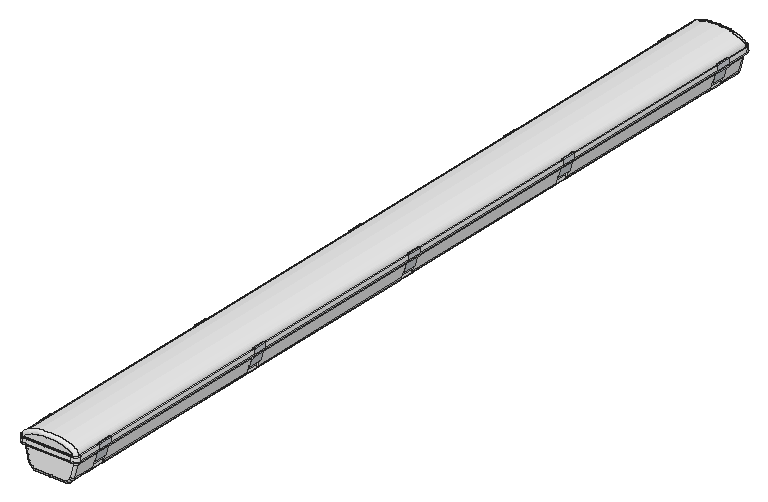
Revit family "0048717 Feilo Sylvania Lighting Fixture SYLPRF SUP LED G3 1500MM T 4K D", category Lighting Fixtures, host Face, Revit 2017
Family settings
  Host = Face
  Round Connector Dimension = Use Diameter
  Part Type = Normal
  OmniClass Number = 23.80.70.11.14
  OmniClass Title = General Luminaries, Directional
  Cut with Voids When Loaded = Yes
  Light Source = Yes
  Shared = No
  Room Calculation Point = No
Parameters
  Width = 110 mm
  Weight = "2.44 kg"
  Wattage Comments = "n/a"
  Wattage = 47 W
  WarrantyStartDate [instance] = "n/a"
  WarrantyGuarantorParts = "n/a"
  WarrantyDurationUnit = "n/a"
  WarrantyDurationParts = "n/a"
  WarrantyDescription = "n/a"
  built-in parameter 1150110 = 1 (stored number, unit not read)
  Voltage = 230 V
  URL = "http://www.sylvania-lighting.com"
  TypeName = "SYLPRF SUP LED G3 1500MM T 4K D"
  Type Image = <None>
  Type Comments = "n/a"
  built-in parameter 1114217 = 1 (stored number, unit not read)
  Tilt Angle = -90.00°
  built-in parameter 1150109 = 1 (stored number, unit not read)
  built-in parameter 1150134 = 12
  built-in parameter 1150113 = 1 (stored number, unit not read)
  SerialNumber [instance] = "n/a"
  ReflectorMaterial = none
  PowerFactor = 0
  PowerConsumption = "47 W"
  Photometric Web File = "0048717-C.ies"
  NominalWidth = 0 mm
  NominalLength = 1578 mm
  NominalHeight = 78 mm
  Name = "SYLPRF SUP LED G3 1500MM T 4K D"
  ModelReference = "SYLPRF SUP LED G3 1500MM T 4K D"
  ModelNumber = "0048717"
  Model = "SYLPRF SUP LED G3 1500MM T 4K D"
  Material = "polycarbonate housing, polycarbonate diffuser"
  ManufacturerName = "Feilo Sylvania"
  Manufacturer = "Feilo Sylvania"
  LuminousEfficacy = "145 lm/W"
  built-in parameter 1150105 = 542.32 (stored number, unit not read)
  Lumens = 6815 lm
  LuminaireType = "Weatherproof"
  built-in parameter 1150115 = 1 (stored number, unit not read)
  LightOutputRatio = "n/a"
  built-in parameter 1150137 = (empty or 0)
  built-in parameter 1150139 = (empty or 0)
  Length = 1572 mm
  LampsType = Lamp  # "LED"
  LampNominalLuminous = "6800 lm"
  LampMacAdamStep = "3"
  LampColourTemperature = "4000 K"
  LampColourRenderingIndex = "80"
  built-in parameter 1150112 = 1 (stored number, unit not read)
  built-in parameter 1150114 = 1 (stored number, unit not read)
  Lamp = "LED"
  Keynote = "16500"
  InstallationDate [instance] = "n/a"
  InputVoltage = "220-240V~"
  InputNominalFrequency = "DC/50/60 Hz"
  built-in parameter 1150132 = (empty or 0)
  built-in parameter 1150102 = (empty or 0)
  built-in parameter 1150107 = 4000 (stored number, unit not read)
  built-in parameter 1150138 = (empty or 0)
  IngressProtection = "IP65"
  ImpactProtectionIndex = "IK08"
  built-in parameter 1150106 = 5.4232 (stored number, unit not read)
  IfcExportType = "IfcLightFixtureType"
  IfcExportAs = "IfcLightFixtureType"
  ExpectedLife = 50000
  Emit from Rectangle Width = Width - 20 mm  # 90 mm
  Emit from Rectangle Length = Length - 20 mm  # 1552 mm
  Emit Shape Visible in Rendering = no
  ElectricShockClassification = "Class I"
  built-in parameter 1150104 = 13.471 (stored number, unit not read)
  DurationUnit = "hours"
  DocumentationLiterature = "http://www.sylvania-lighting.com/product/en-int/products/0048717"
  DimmingControlOptions = "Dimmable"
  Dimming Lamp Color Temperature Shift = <None>
  DiffuserMaterial = Diffuser-Sylvania-Transparent
  Description = ""
  Default Elevation = 1219.2 mm
  CreatedOn = "11/9/2017"
  CreatedBy = ""
  Cost = 0
  Color Filter = 16777215
  built-in parameter 1114216 [instance] = (empty or 0)
  ClassificationValue = "EF_70_80"
  ClassificationName = "Uniclass2015"
  BodyMaterial = Body-Sylvania-Gray
  BarCode [instance] = "n/a"
  built-in parameter 1114218 = 1 (stored number, unit not read)
  built-in parameter 1150133 = 10 (stored number, unit not read)
  AssetType = "Fixed"
  AssetIdentifier [instance] = "n/a"
  Assembly Code = "D5020200"
  Apparent Load = 47 VA
  AccessoryMaterial = Diffuser-Sylvania-Glow
Reference planes
  plane 1 "Center (Front/Back)": y = 0
  plane 2: z = 0
  plane 3 "Center (Left/Right)": x = 0
  plane 4: z = 54
  plane 5: x = -27.7
  plane 6: x = -34.8
  plane 7: x = -39.6
  plane 8: x = -42.2
  plane 9: z = 3
  plane 10: z = 7.8
  plane 11: z = 12.3
  plane 12: z = 36.6
  plane 13: z = 42.8
  plane 14: x = -51.1
  plane 15: z = 46.2
  plane 16: x = -55
  plane 17: y = 786
  plane 18: y = -786
  plane 19: x = 27.7
  plane 20: x = 34.8
  plane 21: x = 39.6
  plane 22: x = 42.2
  plane 23: x = 51.1
  plane 24: x = 55
  plane 25: y = 778.4
  plane 26: y = -778.4
  plane 27: y = -774.7
  plane 28: y = 774.7
  plane 29: z = 74
  plane 30: x = -51.5
  plane 31: x = 51.5
  plane 32: z = 55.2
  plane 33: y = -782.5
  plane 34: y = 782.5
  plane 35: x = -37.5
  plane 36: x = 37.5
  plane 37: x = -48.7
  plane 38: x = 48.7
  plane 39: x = 18
  plane 40: x = -18
  plane 41: z = 50.2
  plane 42: z = 24.6
  plane 43: y = 720
  plane 44: y = 706
  plane 45: y = 734
  plane 46: y = -720
  plane 47: y = 720
  plane 48: y = 706
  plane 49: y = 734
  plane 50: y = -720
  plane 51: y = -734
  plane 52: y = -706
  plane 53: y = 360
  plane 54: y = 346
  plane 55: y = 374
  plane 56: y = 0
  plane 57: y = -14
  plane 58: y = 14
  plane 59: y = -360
  plane 60: y = -374
  plane 61: y = -346
Forms (mm)
  Sweep 1, solid, material "Body-Sylvania-Gray" <- "BodyMaterial", detail levels medium+fine
    path origin (1223.4, -4572, 54) x (0, -1, 0) y (1, 0, 0)
      loop
        arc (-3796, -1278.4) -> (-3788.929, -1275.471) -> (-3786, -1268.4) r 10
        line (-3786, -1268.4) -> (-3786, -1178.4)
        arc (-3786, -1178.4) -> (-3788.929, -1171.329) -> (-3796, -1168.4) r 10
        line (-3796, -1168.4) -> (-5348, -1168.4)
        arc (-5348, -1168.4) -> (-5355.071, -1171.329) -> (-5358, -1178.4) r 10
        line (-5358, -1178.4) -> (-5358, -1268.4)
        arc (-5358, -1268.4) -> (-5355.071, -1275.471) -> (-5348, -1278.4) r 10
        line (-5348, -1278.4) -> (-3796, -1278.4)
    profile origin (-55, 0, 54) x (-1, 0, 0) y (0, 0, 1)
      loop
        line (0, 0) -> (-1, 0) -> (-1, -7.726)
        arc (-1, -7.726) -> (-1.994, -9.498) -> (-3.9, -10.2) r 2.937
        line (-3.9, -10.2) -> (-8.571, -10.2) -> (-8.571, -11.2) -> (-3.9, -11.2)
        arc (-3.9, -11.2) -> (-1.313, -10.231) -> (0, -7.8) r 3.937
        line (0, -7.8) -> (0, 0)
  Sweep 2, solid, material "Body-Sylvania-Gray" <- "BodyMaterial", detail levels medium+fine
    path origin (0, 0, 0) x (1, 0, 0) y (0, 0, 1)
      loop
        line (48.7, 42.8) -> (48.7, 36.6) -> (42.203, 12.31)
        arc (42.203, 12.31) -> (41.199, 9.884) -> (39.6, 7.8) r 10.052
        line (39.6, 7.8) -> (34.8, 3)
        arc (34.8, 3) -> (31.554, 0.781) -> (27.7, 0) r 9.902
        line (27.7, 0) -> (0, 0) -> (-27.7, 0)
        arc (-27.7, 0) -> (-31.554, 0.781) -> (-34.8, 3) r 9.902
        line (-34.8, 3) -> (-39.6, 7.8)
        arc (-39.6, 7.8) -> (-41.199, 9.884) -> (-42.203, 12.31) r 10.052
        line (-42.203, 12.31) -> (-48.7, 36.6) -> (-48.7, 42.8)
    profile origin (0, 0, 0) x (0, 0, -1) y (0, -1, 0)
      loop
        arc (0, 773.4) -> (-1.464, 776.936) -> (-5, 778.4) r 5
        line (-5, 778.4) -> (-7.8, 778.4) -> (-7.8, -778.4) -> (-5, -778.4)
        arc (-5, -778.4) -> (-1.464, -776.936) -> (0, -773.4) r 5
        line (0, -773.4) -> (0, 773.4)
  Extrusion 3, solid, material "Body-Sylvania-Gray" <- "BodyMaterial", detail levels medium+fine
    sketch origin (1524, 778.4, 1219.2) x (1, 0, 0) y (0, 0, 1)
      loop
        arc (-1558.668, -1204.874) -> (-1558.443, -1205.418) -> (-1558.085, -1205.885) r 2.252
        line (-1558.085, -1205.885) -> (-1553.231, -1210.738)
        arc (-1553.231, -1210.738) -> (-1552.534, -1211.227) -> (-1551.7, -1211.4) r 2.102
        line (-1551.7, -1211.4) -> (-1496.3, -1211.4)
        arc (-1496.3, -1211.4) -> (-1495.466, -1211.227) -> (-1494.769, -1210.738) r 2.102
        line (-1494.769, -1210.738) -> (-1489.915, -1205.885)
        arc (-1489.915, -1205.885) -> (-1489.557, -1205.418) -> (-1489.332, -1204.874) r 2.252
        line (-1489.332, -1204.874) -> (-1483.1, -1181.575) -> (-1483.1, -1176.4) -> (-1564.9, -1176.4) -> (-1564.9, -1181.575) -> (-1558.668, -1204.874)
    from 0 to 1556.8
  Sweep 4, solid, material "Diffuser-Sylvania-Transparent" <- "DiffuserMaterial", detail levels medium+fine
    path origin (0, 0, 0) x (1, 0, 0) y (0, 0, 1)
      loop
        spline (-51.5, 55.2) -> (-49.745, 60.066) -> (-44.6, 64.6) -> (-36.416, 68.494) -> (-25.75, 71.481) -> (-13.329, 73.359) -> (0, 74) -> (13.329, 73.359) -> (25.75, 71.481) -> (36.416, 68.494) -> (44.6, 64.6) -> (49.745, 60.066) -> (51.5, 55.2)
    profile origin (51.5, 0, 55.2) x (0, -1, 0) y (1, 0, 0)
      loop
        arc (782.5, -5.5) -> (780.889, -1.611) -> (777, 0) r 5.5
        line (777, 0) -> (-777, 0)
        arc (-777, 0) -> (-780.889, -1.611) -> (-782.5, -5.5) r 5.5
        line (-782.5, -5.5) -> (-782.5, -6.3) -> (-781.5, -6.3) -> (-781.5, -5.5)
        arc (-781.5, -5.5) -> (-780.182, -2.318) -> (-777, -1) r 4.5
        line (-777, -1) -> (777, -1)
        arc (777, -1) -> (780.182, -2.318) -> (781.5, -5.5) r 4.5
        line (781.5, -5.5) -> (781.5, -6.347) -> (782.5, -6.347) -> (782.5, -5.5)
  Extrusion 5, solid, material "Diffuser-Sylvania-Transparent" <- "DiffuserMaterial", detail levels medium+fine
    sketch origin (1524, -782.5, 1219.2) x (1, 0, 0) y (0, 0, 1)
      loop
        line (-1569.653, -1164) -> (-1478.347, -1164)
        spline (-1478.347, -1164) -> (-1478.969, -1162.594) -> (-1482.527, -1159.545) -> (-1489.588, -1156.201) -> (-1499.458, -1153.445) -> (-1511.242, -1151.663) -> (-1524, -1151.049) -> (-1536.758, -1151.663) -> (-1548.542, -1153.445) -> (-1558.412, -1156.201) -> (-1565.473, -1159.545) -> (-1569.031, -1162.594) -> (-1569.653, -1164)
    from 0 to -1
  Extrusion 6, solid, material "Diffuser-Sylvania-Transparent" <- "DiffuserMaterial", detail levels medium+fine
    sketch origin (1524, 782.5, 1219.2) x (1, 0, 0) y (0, 0, 1)
      loop
        spline (-1478.3, -1164) -> (-1478.931, -1162.565) -> (-1482.502, -1159.505) -> (-1489.572, -1156.155) -> (-1499.446, -1153.394) -> (-1511.236, -1151.614) -> (-1524, -1151.007) -> (-1536.764, -1151.614) -> (-1548.554, -1153.394) -> (-1558.428, -1156.155) -> (-1565.498, -1159.505) -> (-1569.069, -1162.565) -> (-1569.7, -1164)
        line (-1569.7, -1164) -> (-1478.3, -1164)
    from 0 to 1
  Extrusion 7, solid, material "Diffuser-Sylvania-Transparent" <- "DiffuserMaterial", detail levels medium+fine
    sketch origin (1223.4, -4572, 55.2) x (0, -1, 0) y (-1, 0, 0)
      loop
        arc (-5353.5, 1177.4) -> (-5352.182, 1174.218) -> (-5349, 1172.9) r 4.5
        line (-5349, 1172.9) -> (-3795, 1172.9)
        arc (-3795, 1172.9) -> (-3791.818, 1174.218) -> (-3790.5, 1177.4) r 4.5
        line (-3790.5, 1177.4) -> (-3790.5, 1269.4)
        arc (-3790.5, 1269.4) -> (-3791.818, 1272.582) -> (-3795, 1273.9) r 4.5
        line (-3795, 1273.9) -> (-5349, 1273.9)
        arc (-5349, 1273.9) -> (-5352.182, 1272.582) -> (-5353.5, 1269.4) r 4.5
        line (-5353.5, 1269.4) -> (-5353.5, 1177.4)
      loop
        line (-5358, 1268.4) -> (-5358, 1178.4)
        arc (-5358, 1178.4) -> (-5355.071, 1171.329) -> (-5348, 1168.4) r 10
        line (-5348, 1168.4) -> (-3796, 1168.4)
        arc (-3796, 1168.4) -> (-3788.929, 1171.329) -> (-3786, 1178.4) r 10
        line (-3786, 1178.4) -> (-3786, 1268.4)
        arc (-3786, 1268.4) -> (-3788.929, 1275.471) -> (-3796, 1278.4) r 10
        line (-3796, 1278.4) -> (-5348, 1278.4)
        arc (-5348, 1278.4) -> (-5355.071, 1275.471) -> (-5358, 1268.4) r 10
    from 0 to 1.2
  Extrusion 8, solid, material "Diffuser-Sylvania-Glow" <- "AccessoryMaterial", detail levels fine
    sketch origin (0, 0, 0) x (1, 0, 0) y (0, 0, 1)
      loop
        circle (-18, 50.2) r 8
      loop
        circle (18, 50.2) r 8
    from -774.7 to 774.7
  Extrusion 9, void
    sketch origin (0, 720, 2343.807) x (0, 0, -1) y (-1, 0, 0)
      loop
        line (2340.807, -37.5) -> (2331.507, -37.5) -> (2319.207, -42.2) -> (2319.207, -48.7) -> (2340.807, -48.7) -> (2340.807, -37.5)
      loop
        line (2340.807, 37.5) -> (2340.807, 48.7) -> (2319.207, 48.7) -> (2319.207, 42.2) -> (2331.507, 37.5) -> (2340.807, 37.5)
    from -14 to 14
  Extrusion 10, solid, material "Body-Sylvania-Gray" <- "BodyMaterial", detail levels coarse
    sketch origin (0, 0, 0) x (1, 0, 0) y (0, 0, 1)
      loop
        line (55, 42.8) -> (55, 55.2) -> (-55, 55.2) -> (-55, 42.791) -> (-42.2, 0) -> (42.2, 0) -> (55, 42.8)
    from -786 to 786
  Extrusion 11, solid, material "Diffuser-Sylvania-Transparent" <- "DiffuserMaterial", detail levels coarse
    sketch origin (0, 0, 0) x (1, 0, 0) y (0, 0, 1)
      loop
        arc (51.5, 55.2) -> (0, 74) -> (-51.5, 55.2) r 79.939
        line (-51.5, 55.2) -> (51.5, 55.2)
    from 778.4 to -778.4
  Extrusion 12, void, not visible
    sketch origin (0, 720, 2343.807) x (0, 0, -1) y (-1, 0, 0)
      loop
        line (2340.807, -37.5) -> (2331.507, -37.5) -> (2319.207, -42.2) -> (2319.207, -48.7) -> (2340.807, -48.7) -> (2340.807, -37.5)
      loop
        line (2340.807, 37.5) -> (2340.807, 48.7) -> (2319.207, 48.7) -> (2319.207, 42.2) -> (2331.507, 37.5) -> (2340.807, 37.5)
    from -14 to 14
  Extrusion 13, void
    sketch origin (0, -720, 2343.807) x (0, 0, -1) y (-1, 0, 0)
      loop
        line (2340.807, -37.5) -> (2331.507, -37.5) -> (2319.207, -42.2) -> (2319.207, -48.7) -> (2340.807, -48.7) -> (2340.807, -37.5)
      loop
        line (2340.807, 37.5) -> (2340.807, 48.7) -> (2319.207, 48.7) -> (2319.207, 42.2) -> (2331.507, 37.5) -> (2340.807, 37.5)
    from -14 to 14
  Extrusion 14, void
    sketch origin (0, 360, 2343.807) x (0, 0, -1) y (-1, 0, 0)
      loop
        line (2340.807, -37.5) -> (2331.507, -37.5) -> (2319.207, -42.2) -> (2319.207, -48.7) -> (2340.807, -48.7) -> (2340.807, -37.5)
      loop
        line (2340.807, 37.5) -> (2340.807, 48.7) -> (2319.207, 48.7) -> (2319.207, 42.2) -> (2331.507, 37.5) -> (2340.807, 37.5)
    from -14 to 14
  Extrusion 15, void
    sketch origin (0, 0, 2343.807) x (0, 0, -1) y (-1, 0, 0)
      loop
        line (2340.807, -37.5) -> (2331.507, -37.5) -> (2319.207, -42.2) -> (2319.207, -48.7) -> (2340.807, -48.7) -> (2340.807, -37.5)
      loop
        line (2340.807, 37.5) -> (2340.807, 48.7) -> (2319.207, 48.7) -> (2319.207, 42.2) -> (2331.507, 37.5) -> (2340.807, 37.5)
    from -14 to 14
  Extrusion 16, void
    sketch origin (0, -360, 2343.807) x (0, 0, -1) y (-1, 0, 0)
      loop
        line (2340.807, -37.5) -> (2331.507, -37.5) -> (2319.207, -42.2) -> (2319.207, -48.7) -> (2340.807, -48.7) -> (2340.807, -37.5)
      loop
        line (2340.807, 37.5) -> (2340.807, 48.7) -> (2319.207, 48.7) -> (2319.207, 42.2) -> (2331.507, 37.5) -> (2340.807, 37.5)
    from -14 to 14
Cuts and joins
  Extrusion 9, Extrusion 13, Extrusion 14, Extrusion 15, Extrusion 16 cuts Sweep 2
  Extrusion 13, Extrusion 14, Extrusion 15, Extrusion 16 cuts Extrusion 3
  joined: Sweep 2, Extrusion 3
  joined: Sweep 4, Extrusion 5, Extrusion 6
Dimensions and locks
  locked: plane 4 to plane 2 at 54
  plane 5 to plane 6 to plane 7 to plane 8 to plane 14 to plane 16 = 7.1 mm locked, 4.8 mm locked, 2.6 mm locked, 8.9 mm, 3.9 mm
  plane 4 to plane 15 to plane 13 to plane 12 to plane 11 to plane 10 to plane 9 = 7.8 mm locked, 3.4 mm, 6.2 mm locked, 24.3 mm locked, 4.5 mm locked, 4.8 mm locked
  equal spacing: plane 18, plane 1 "Center (Front/Back)", plane 17
  "Length": plane 18 to plane 17
  plane 19 to plane 20 to plane 21 to plane 22 to plane 23 to plane 24 = 7.1 mm locked, 4.8 mm locked, 2.6 mm locked, 8.9 mm, 3.9 mm
  equal spacing: plane 24, plane 3 "Center (Left/Right)", plane 16
  "Width": plane 24 to plane 16
  equal spacing: plane 27, plane 1 "Center (Front/Back)", plane 28
  locked: plane 26 to plane 27 at 3.7
  locked: Sweep 1 sketch curve to profile plane at 1
  locked: Sweep 1 sketch curve to plane 13 at 1
  locked: Sweep 1 sketch curve to plane 13 at 3.937  (x2)
  locked: Sweep 1 sketch curve to profile plane at 3.9  (x2)
  locked: plane 29 to plane 4 at 20
  equal spacing: plane 31, plane 3 "Center (Left/Right)", plane 30
  locked: plane 30 to plane 16 at 3.5
  locked: plane 32 to plane 4 at 1.2
  equal spacing: plane 33, plane 1 "Center (Front/Back)", plane 34
  equal spacing: plane 36, plane 3 "Center (Left/Right)", plane 35
  locked: plane 3 "Center (Left/Right)" to plane 35 at 37.5
  locked: plane 34 to plane 17 at 3.5
  equal spacing: plane 38, plane 3 "Center (Left/Right)", plane 37
  locked: plane 37 to plane 16 at 6.3
  equal spacing: plane 25, plane 1 "Center (Front/Back)", plane 26
  locked: plane 17 to plane 25 at 7.6
  locked: Sweep 2 sketch curve to plane 2 at 5  (x2)
  locked: Sweep 2 sketch curve to plane 26 at 5
  locked: plane 25 to Sweep 2 sketch curve at 5
  locked: Sweep 4 sketch curve to plane 31 at 5.5  (x2)
  locked: Sweep 4 sketch curve to plane 34 at 5.5
  plane 33 to Sweep 4 sketch curve = 5.5 mm
  locked: plane 34 to Sweep 4 sketch curve at 1
  locked: Sweep 4 sketch curve to plane 31 at 1
  locked: Sweep 4 sketch curve to Sweep 4 sketch curve at 1
  locked: Sweep 4 sketch curve to plane 31 at 6.347
  locked: Sweep 4 sketch curve to plane 31 at 6.3
  equal spacing: plane 39, plane 3 "Center (Left/Right)", plane 40
  locked: plane 3 "Center (Left/Right)" to plane 40 at 18
  locked: plane 42 to plane 2 at 24.6
  plane 45 to plane 43 to plane 44 = 14 mm locked, 14 mm locked
  locked: plane 17 to plane 43 at 66
  equal spacing: plane 43, plane 1 "Center (Front/Back)", plane 46
  plane 49 to plane 47 to plane 48 = 14 mm locked, 14 mm locked
  plane 52 to plane 50 to plane 51 = 14 mm locked, 14 mm locked  (x2)
  equal spacing: group 1, group 6, group 7, group 8, group 5  (x2)
  equal spacing: group 5, group 8, group 7, group 6, group 1
  plane 55 to plane 53 to plane 54 = 14 mm locked, 14 mm locked  (x2)
  plane 58 to plane 56 to plane 57 = 14 mm locked, 14 mm locked  (x2)
  plane 61 to plane 59 to plane 60 = 14 mm locked, 14 mm locked  (x2)
  plane 43 to plane 53 to plane 1 "Center (Front/Back)" to plane 59 to plane 50 = 360 mm locked, 360 mm locked, 360 mm locked, 360 mm locked
  aligned and locked: plane 2 to host face
  aligned and locked: level to host face
  aligned and locked: plane 16 to Sweep 1 sketch curve
  aligned and locked: Sweep 1 sketch curve to plane 24
  aligned and locked: plane 18 to Sweep 1 sketch curve
  aligned and locked: Sweep 1 sketch curve to plane 13
  aligned and locked: profile plane to Sweep 1 sketch curve
  aligned and locked: plane 3 "Center (Left/Right)" to Sweep 2 sketch curve
  aligned and locked: plane 9 to Sweep 2 sketch curve
  aligned and locked: plane 10 to Sweep 2 sketch curve
  aligned and locked: plane 37 to Sweep 2 sketch curve
  aligned and locked: plane 12 to Sweep 2 sketch curve
  aligned and locked: Sweep 2 sketch curve to level
  aligned and locked: plane 21 to Sweep 2 sketch curve
  aligned and locked: plane 38 to Sweep 2 sketch curve
  aligned and locked: profile plane to Sweep 2 sketch curve
  aligned and locked: plane 25 to Sweep 2 sketch curve
  aligned and locked: Sweep 2 sketch curve to plane 10
  aligned and locked: Extrusion 3 sketch curve to Sweep 2  (x7)
  aligned and locked: Sweep 2 to Extrusion 3 sketch curve
  aligned and locked: Extrusion 3 to plane 25
  aligned and locked: plane 26 to Extrusion 3
  aligned and locked: plane 32 to Sweep 4 sketch curve
  aligned and locked: plane 33 to Sweep 4 sketch curve
  aligned and locked: Sweep 4 to Extrusion 5
  aligned and locked: plane 33 to Extrusion 5
  aligned and locked: Extrusion 5 sketch curve to Sweep 4
  aligned and locked: cut or joined group of Sweep 4, Extrusion 5, Extrusion 6 to Extrusion 6 sketch curve
  aligned and locked: Extrusion 7 sketch curve to cut or joined group of Sweep 4, Extrusion 5, Extrusion 6  (x2)
  aligned and locked: cut or joined group of Sweep 4, Extrusion 5, Extrusion 6 to Extrusion 7 sketch curve  (x2)
  aligned and locked: plane 41 to Extrusion 8 sketch curve  (x2)
  aligned and locked: plane 39 to Extrusion 8 sketch curve
  aligned and locked: plane 27 to Extrusion 8
  aligned and locked: Extrusion 8 to plane 28
  aligned and locked: Extrusion 9 to plane 42
  aligned and locked: plane 9 to Extrusion 9
  aligned and locked: plane 44 to Extrusion 9
  aligned and locked: Extrusion 9 to plane 45
  aligned and locked: Extrusion 7 sketch curve to Sweep 1  (x4)
  aligned and locked: plane 4 to Extrusion 7
  aligned and locked: Extrusion 7 to plane 32
  aligned and locked: nested 2 to plane 43
  aligned and locked: plane 43 to nested 1
  aligned and locked: Extrusion 10 sketch curve to plane 24
  aligned and locked: Extrusion 10 sketch curve to Extrusion 7
  aligned and locked: plane 8 to Extrusion 10 sketch curve
  aligned and locked: plane 22 to Extrusion 10 sketch curve
  aligned and locked: level to Extrusion 10 sketch curve
  aligned and locked: Extrusion 10 to plane 17
  aligned and locked: plane 18 to Extrusion 10
  aligned and locked: cut or joined group of Sweep 4, Extrusion 5, Extrusion 6 to Extrusion 11 sketch curve
  aligned and locked: Extrusion 11 sketch curve to cut or joined group of Sweep 4, Extrusion 5, Extrusion 6  (x2)
  aligned and locked: plane 31 to Extrusion 11 sketch curve
  aligned and locked: plane 30 to Extrusion 11 sketch curve
  aligned and locked: plane 26 to Extrusion 11
  aligned and locked: Extrusion 11 to plane 25
  aligned and locked: imposter light to plane 29
  aligned and locked: plane 3 "Center (Left/Right)" to imposter light
  aligned and locked: plane 1 "Center (Front/Back)" to imposter light
  aligned and locked: plane 51 to Extrusion 13
  aligned and locked: Extrusion 13 to plane 52
  aligned and locked: plane 54 to Extrusion 14
  aligned and locked: Extrusion 14 to plane 55
  aligned and locked: plane 57 to Extrusion 15
  aligned and locked: Extrusion 15 to plane 58
  aligned and locked: plane 60 to Extrusion 16
  aligned and locked: Extrusion 16 to plane 61
  aligned and locked: nested 3 to plane 53
  aligned and locked: plane 53 to nested 10
  aligned and locked: nested 4 to plane 56
  aligned and locked: plane 56 to nested 9
  aligned and locked: nested 5 to plane 59
  aligned and locked: plane 59 to nested 8
  aligned and locked: nested 6 to plane 50
  aligned and locked: plane 50 to nested 7
Automatic sketch dimensions
  host sketch curve to host sketch curve = 2438.4 mm  (x2)
  plane 17 to Sweep 1 sketch curve = 0 mm
  Sweep 1 sketch curve to plane 28 = 1.3 mm
  Sweep 1 sketch curve to plane 7 = 5.4 mm
  plane 27 to Sweep 1 sketch curve = 1.3 mm  (x2)
  Sweep 1 sketch curve to Sweep 1 sketch curve = 4.671 mm
  Sweep 1 sketch curve to plane 4 = 0 mm
  Sweep 2 sketch curve to plane 7 = 0 mm
  Sweep 2 sketch curve to plane 6 = 0 mm
  Sweep 2 sketch curve to plane 5 = 0 mm
  plane 19 to Sweep 2 sketch curve = 0 mm
  Sweep 2 sketch curve to plane 9 = 0 mm
  plane 20 to Sweep 2 sketch curve = 0 mm
  Sweep 2 sketch curve to plane 12 = 0 mm
  Sweep 2 sketch curve to plane 10 = 0 mm
  Sweep 2 sketch curve to plane 13 = 0 mm  (x2)
  Sweep 2 sketch curve to plane 8 = 0.003 mm
  plane 6 to Sweep 2 sketch curve = 2.308 mm
  plane 20 to Sweep 2 sketch curve = 2.308 mm
  Sweep 2 sketch curve to plane 22 = 0.003 mm
  Sweep 2 sketch curve to plane 11 = 0.01 mm  (x2)
  Extrusion 3 sketch curve to plane 5 = 0 mm
  plane 19 to Extrusion 3 sketch curve = 0 mm
  plane 6 to Extrusion 3 sketch curve = 0.132 mm
  plane 6 to Extrusion 3 sketch curve = 0.715 mm
  Extrusion 3 sketch curve to Extrusion 3 sketch curve = 1.592 mm
  Extrusion 3 sketch curve to plane 10 = 0.662 mm  (x2)
  plane 20 to Extrusion 3 sketch curve = 2.308 mm
  plane 20 to Extrusion 3 sketch curve = 0.715 mm
  plane 20 to Extrusion 3 sketch curve = 0.132 mm
  Sweep 4 sketch curve to plane 30 = 0 mm
  Sweep 4 sketch curve to plane 3 "Center (Left/Right)" = 0 mm
  Sweep 4 sketch curve to Sweep 4 sketch curve = 0 mm  (x2)
  plane 37 to Extrusion 5 sketch curve = 3.047 mm
  Extrusion 5 sketch curve to plane 38 = 3.047 mm
  plane 37 to Extrusion 6 sketch curve = 3 mm
  Extrusion 6 sketch curve to plane 38 = 3 mm
  plane 25 to Extrusion 7 sketch curve = 1.4 mm  (x2)
  Extrusion 7 sketch curve to plane 26 = 1.4 mm  (x2)
  Extrusion 8 sketch curve to plane 40 = 0 mm
  Extrusion 9 sketch curve to Extrusion 9 sketch curve = 0 mm
  Extrusion 9 sketch curve to Extrusion 9 sketch curve = 12.3 mm  (x2)
  Extrusion 9 sketch curve to Extrusion 9 sketch curve = 9.3 mm  (x2)
  Extrusion 9 sketch curve to Extrusion 9 sketch curve = 6.5 mm
  Extrusion 9 sketch curve to Extrusion 9 sketch curve = 4.7 mm  (x2)
  Extrusion 9 sketch curve to Extrusion 9 sketch curve = 75 mm
  Extrusion 9 sketch curve to Extrusion 9 sketch curve = 11.2 mm
  Extrusion 10 sketch curve to plane 13 = 0 mm
  plane 13 to Extrusion 10 sketch curve = 0.009 mm
  Extrusion 11 sketch curve to level = 5.939 mm
  Extrusion 10 sketch curve to plane 16 = 0 mm
  Extrusion 12 sketch curve to Extrusion 12 sketch curve = 0 mm
  Extrusion 12 sketch curve to Extrusion 12 sketch curve = 12.3 mm  (x2)
  Extrusion 12 sketch curve to Extrusion 12 sketch curve = 9.3 mm  (x2)
  Extrusion 12 sketch curve to Extrusion 12 sketch curve = 6.5 mm
  Extrusion 12 sketch curve to Extrusion 12 sketch curve = 4.7 mm  (x2)
  Extrusion 12 sketch curve to Extrusion 12 sketch curve = 75 mm
  Extrusion 12 sketch curve to Extrusion 12 sketch curve = 11.2 mm
  Extrusion 13 sketch curve to Extrusion 13 sketch curve = 0 mm
  Extrusion 13 sketch curve to Extrusion 13 sketch curve = 12.3 mm  (x2)
  Extrusion 13 sketch curve to Extrusion 13 sketch curve = 9.3 mm  (x2)
  Extrusion 13 sketch curve to Extrusion 13 sketch curve = 6.5 mm
  Extrusion 13 sketch curve to Extrusion 13 sketch curve = 4.7 mm  (x2)
  Extrusion 13 sketch curve to Extrusion 13 sketch curve = 75 mm
  Extrusion 13 sketch curve to Extrusion 13 sketch curve = 11.2 mm
  Extrusion 14 sketch curve to Extrusion 14 sketch curve = 0 mm
  Extrusion 14 sketch curve to Extrusion 14 sketch curve = 12.3 mm  (x2)
  Extrusion 14 sketch curve to Extrusion 14 sketch curve = 9.3 mm  (x2)
  Extrusion 14 sketch curve to Extrusion 14 sketch curve = 6.5 mm
  Extrusion 14 sketch curve to Extrusion 14 sketch curve = 4.7 mm  (x2)
  Extrusion 14 sketch curve to Extrusion 14 sketch curve = 75 mm
  Extrusion 14 sketch curve to Extrusion 14 sketch curve = 11.2 mm
  Extrusion 15 sketch curve to Extrusion 15 sketch curve = 0 mm
  Extrusion 15 sketch curve to Extrusion 15 sketch curve = 12.3 mm  (x2)
  Extrusion 15 sketch curve to Extrusion 15 sketch curve = 9.3 mm  (x2)
  Extrusion 15 sketch curve to Extrusion 15 sketch curve = 6.5 mm
  Extrusion 15 sketch curve to Extrusion 15 sketch curve = 4.7 mm  (x2)
  Extrusion 15 sketch curve to Extrusion 15 sketch curve = 75 mm
  Extrusion 15 sketch curve to Extrusion 15 sketch curve = 11.2 mm
  Extrusion 16 sketch curve to Extrusion 16 sketch curve = 0 mm
  Extrusion 16 sketch curve to Extrusion 16 sketch curve = 12.3 mm  (x2)
  Extrusion 16 sketch curve to Extrusion 16 sketch curve = 9.3 mm  (x2)
  Extrusion 16 sketch curve to Extrusion 16 sketch curve = 6.5 mm
  Extrusion 16 sketch curve to Extrusion 16 sketch curve = 4.7 mm  (x2)
  Extrusion 16 sketch curve to Extrusion 16 sketch curve = 75 mm
  Extrusion 16 sketch curve to Extrusion 16 sketch curve = 11.2 mm
  radius of Extrusion 8 sketch curve = 8 mm  (x2)
Nested families
  nested 1: "Clip" at (42.2, 720, 24.6), type "Clip", detail levels fine
  nested 2: "Clip" at (-42.2, 720, 24.6) x (-1, 0, 0) z (0, 0, 1), type "Clip", detail levels fine
  nested 3: "Clip" at (-42.2, 360, 24.6) x (-1, 0, 0) z (0, 0, 1), type "Clip", detail levels fine
  nested 4: "Clip" at (-42.2, 0, 24.6) x (-1, 0, 0) z (0, 0, 1), type "Clip", detail levels fine
  nested 5: "Clip" at (-42.2, -360, 24.6) x (-1, 0, 0) z (0, 0, 1), type "Clip", detail levels fine
  nested 6: "Clip" at (-42.2, -720, 24.6) x (-1, 0, 0) z (0, 0, 1), type "Clip", detail levels fine
  nested 7: "Clip" at (42.2, -720, 24.6), type "Clip", detail levels fine
  nested 8: "Clip" at (42.2, -360, 24.6), type "Clip", detail levels fine
  nested 9: "Clip" at (42.2, 0, 24.6), type "Clip", detail levels fine
  nested 10: "Clip" at (42.2, 360, 24.6), type "Clip", detail levels fine
Connectors
  electrical at (0, 0, 0), driven by "Apparent Load"
    settings: index 1, voltage 230 V, apparent load 47 VA, apparent load phase1 0 VA, apparent load phase2 0 VA, apparent load phase3 0 VA, power factor 0, load classification "Lighting", number of poles 1, system type 30, power factor state 1, is connector primary yes, connector utility no, sub classification motor no, connector description ""
Definition of nested family "Clip"
  Parameters (values of type "Clip")
    URL = "http://www.feilosylvania.com"
    Type Comments = "n/a"
    Model = "n/a"
    Manufacturer = "Feilo Sylvania"
    Keynote = "n/a"
    Description = "n/a"
    Default Elevation = 1219.2 mm
    Cost = 0
    BodyMaterial = none
    Assembly Code = "n/a"
  Reference planes
    plane 1 "Center (Front/Back)": y = 0
    plane 2: z = 0
    plane 3 "Center (Left/Right)": x = 0
    plane 4: x = 3.3
    plane 5: x = 6.5
    plane 6: x = 8.9
    plane 7: x = 12.8
    plane 8: z = 12
    plane 9: z = 18.2
    plane 10: z = 21.6
    plane 11: z = 30.6
    plane 12: x = 9.3
    plane 13: z = 19.2
    plane 14: z = 16.2
    plane 15: x = 10.1
    plane 16: y = 12
    plane 17: y = -12
  Forms (mm)
    Extrusion 1, solid
      sketch origin (-0.8, 0, 0) x (1, 0, 0) y (0, 1, 0)
        loop
          line (-1219.2, 1219.2) -> (-1219.2, -1219.2) -> (1219.2, -1219.2) -> (1219.2, 1219.2) -> (-1219.2, 1219.2)
      from 0 to -304.8
    Extrusion 2, solid
      sketch origin (0, 0, 0) x (1, 0, 0) y (0, 0, 1)
        loop
          line (8.9, 16.2) -> (4.58, 0) -> (0, 0) -> (0, -0.8) -> (5.195, -0.8) -> (9.603, 15.731) -> (13.6, 18.806) -> (13.6, 30.6)
          arc (13.6, 30.6) -> (11.45, 32.75) -> (9.3, 30.6) r 2.15
          line (9.3, 30.6) -> (10.1, 30.6)
          arc (10.1, 30.6) -> (11.45, 31.95) -> (12.8, 30.6) r 1.35
          line (12.8, 30.6) -> (12.8, 19.2) -> (8.9, 16.2)
      from -12 to 12
  Lines and regions (mm)
    reference lines
      curve 1: line (3.3, 0, 0) -> (6.5, 0, 12)
      curve 2: arc (8.9, 0, 18.2) -> (11.488, 0, 19.169) -> (12.8, 0, 21.6) r 3.934
  Dimensions and locks
    plane 7 to plane 6 to plane 5 to plane 4 to plane 3 "Center (Left/Right)" = 3.9 mm locked, 2.4 mm locked, 3.2 mm locked, 3.3 mm locked
    plane 11 to plane 10 to plane 9 to plane 8 to plane 2 = 9 mm locked, 3.4 mm locked, 6.2 mm locked, 12 mm locked
    locked: plane 7 to plane 12 at 3.5
    locked: plane 13 to plane 9 at 1
    locked: plane 9 to plane 14 at 2
    locked: plane 15 to plane 12 at 0.8
    locked: plane 2 to Extrusion 2 sketch curve at 0.8
    locked: Extrusion 2 sketch curve to Extrusion 2 sketch curve at 0.8  (x3)
    locked: plane 7 to Extrusion 2 sketch curve at 1.35
    equal spacing: plane 17, plane 1 "Center (Front/Back)", plane 16
    locked: plane 1 "Center (Front/Back)" to plane 16 at 12
    aligned and locked: plane 2 to Extrusion 1
    aligned and locked: level to Extrusion 1
    aligned and locked: plane 4 to curve 1
    aligned and locked: plane 5 to curve 1
    aligned and locked: plane 6 to curve 2
    aligned and locked: plane 10 to curve 2
    aligned and locked: plane 14 to Extrusion 2 sketch curve
    aligned and locked: plane 13 to Extrusion 2 sketch curve
    aligned and locked: plane 7 to Extrusion 2 sketch curve
    aligned and locked: plane 3 "Center (Left/Right)" to Extrusion 2 sketch curve
    aligned and locked: Extrusion 2 sketch curve to level
    aligned and locked: Extrusion 2 sketch curve to plane 11
    aligned and locked: plane 11 to Extrusion 2 sketch curve
    aligned and locked: Extrusion 2 to plane 16
    aligned and locked: plane 17 to Extrusion 2
  Automatic sketch dimensions
    Extrusion 1 sketch curve to Extrusion 1 sketch curve = 2438.4 mm  (x2)
    curve 2 to plane 7 = 0 mm
    curve 1 to level = 0 mm
    curve 1 to plane 8 = 0 mm
    curve 2 to plane 9 = 0 mm
    plane 6 to curve 2 = 0.002 mm
    Extrusion 2 sketch curve to Extrusion 2 sketch curve = 0 mm
    Extrusion 2 sketch curve to plane 6 = 0 mm
    plane 4 to Extrusion 2 sketch curve = 1.28 mm
